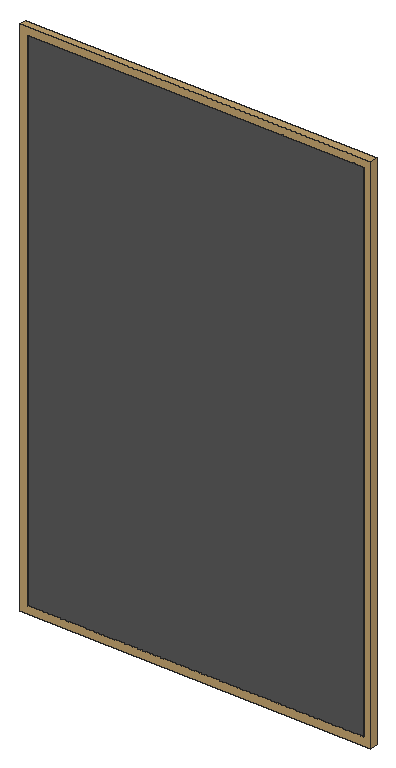
Revit family
Parameters (values of type "Mirror With Frame")
  Width = 4' - 0"
  Subcategory = "Mirrors"  # constant formula
  SmartBIM Object Version = 3  # constant formula
  SmartBIM Object Created By = "Reed Construction Data"  # constant formula
  Mirror = Mirror Glass
  Height = 6' - 0"
  Frame = Wood Pine
  Description = ""
  Default Elevation = 4' - 0"
  Assembly Code = "C1030200"
  95 CSI = "08830"  # constant formula
  04 CSI = "08 83 00"  # constant formula
Reference planes (in)
  plane 1 "Center (Front/Back)": y = 3
  plane 2: z = 0
  plane 3 "Center (Left/Right)": x = 0
  plane 4: z = 52.37437
  plane 5: z = 16.37437
  plane 6: z = -19.62563
  plane 7: x = -24
  plane 8: x = 24
  plane 9: y = 4
Forms (in)
  Extrusion 1, solid, material "Wood Pine" <- "Frame"
    sketch origin (-60.9634, 3, -23.12563) x (-1, 0, 0) y (0, 0, 1)
      loop
        line (-83.9634, 74.5) -> (-83.9634, 4.5) -> (-37.9634, 4.5) -> (-37.9634, 74.5) -> (-83.9634, 74.5)
      loop
        line (-84.9634, 75.5) -> (-84.9634, 3.5) -> (-36.9634, 3.5) -> (-36.9634, 75.5) -> (-84.9634, 75.5)
    from 0 to 1
  Extrusion 2, solid, material "Mirror Glass" <- "Mirror"
    sketch origin (0, 3, 0) x (1, 0, 0) y (0, 0, 1)
      loop
        line (-23, -18.62563) -> (23, -18.62563) -> (23, 51.37437) -> (-23, 51.37437) -> (-23, -18.62563)
    from -1 to 0
Dimensions and locks (in)
  locked: Extrusion 1 sketch curve to Extrusion 1 sketch curve at 1  (x4)
  equal spacing: plane 8, plane 3 "Center (Left/Right)", plane 7
  equal spacing: plane 4, plane 5, plane 6
  "Height": plane 4 to plane 6
  "Width": plane 8 to plane 7
  locked: plane 1 "Center (Front/Back)" to plane 9 at 1
  aligned and locked: plane 6 to Extrusion 1
  aligned and locked: Extrusion 2 sketch curve to Extrusion 1  (x4)
  aligned and locked: Extrusion 1 to Extrusion 2  (x2)
Automatic sketch dimensions
  Extrusion 1 sketch curve to plane 6 = 0' - 0"
  Extrusion 1 sketch curve to plane 8 = 0' - 0"
  Extrusion 1 sketch curve to plane 7 = 0' - 0"
  Extrusion 1 sketch curve to plane 4 = 0' - 0"
